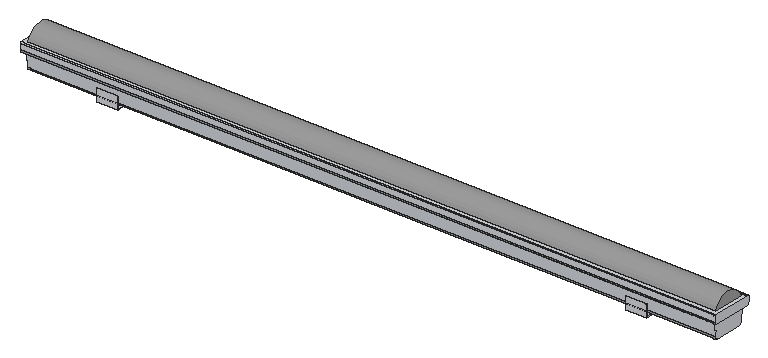
Revit family "0010268", category Lighting Fixtures, host Face, Revit 2017 (continued)
Types (60, lengths in mm): name | Weight | Wattage | TypeName | built-in parameter 1150134 | Photometric Web File | PowerFactor | PowerConsumption | NominalLength | Name | ModelReference | ModelNumber | Model | LuminousEfficacy | built-in parameter 1150105 | Lumens | LampNominalLuminous | LampMacAdamStep | LampColourTemperature | LENGHT_SYL | LENGHT_CHAMFER_SYL | LENGHT-_SYL | LENGHT-_CHAMFER_SYL | L0650_SYL | L1500_SYL | L1200_SYL | built-in parameter 1150107 | built-in parameter 1150106 | built-in parameter 1150104 | DocumentationLiterature | Description | BRACKET_WIDTH_SYL | BRACKET_DIST_SYL | Apparent Load
  0010215 RESISTO 1200 IP66 4800LM 840 QC | "1.61 kg" | 35 W | "Resisto  1200 IP66 4800lm 840 QC" | 12 | "0010215.ies" | 0.95 | "35 W" | 1212 | "Resisto  1200 IP66 4800lm 840 QC" | "Resisto  1200 IP66 4800lm 840 QC" | "0010215" | "Resisto  1200 IP66 4800lm 840 QC" | "137 lm/W" | 1583.6 (stored number, unit not read) | 4795 lm | "4800 lm" | "5" | "4000 K" | 592 | 600 | -592 | -600 | no | no | yes | 4000 (stored number, unit not read) | 15.836 (stored number, unit not read) | 12.728 (stored number, unit not read) | "http://www.sylvania-lighting.com/product/en-int/products/0010215" | "Resisto, integrated LED weatherproof luminaire, with UV stabilized flat diffuser designed to achieve uniform lit appearance, optimise light output and to reduce glare. 301 stainless steel diffuser clips and fixing brackets for surface mounting. Polycarbonate housing and diffuser - no yellow discolouration over time. 4800lm; 35W; 137lm/W; 4000K; SDCM<5; non dimmable; CRI80; IP66; IK08; Class I; 69,000hrs (L80B20) lifespan; 1200mm x 89mm x 88mm; D-mark; assembled with quick connector." | 400 | 444 | 35 VA
  0010214 RESISTO 1200 IP66 2800LM 840 QC | "1.57 kg" | 21 W | "Resisto  1200 IP66 2800lm 840 QC" | 12 | "0010214.ies" | 0.95 | "21 W" | 1212 | "Resisto  1200 IP66 2800lm 840 QC" | "Resisto  1200 IP66 2800lm 840 QC" | "0010214" | "Resisto  1200 IP66 2800lm 840 QC" | "133 lm/W" | 917.95 (stored number, unit not read) | 2793 lm | "2800 lm" | "5" | "4000 K" | 592 | 600 | -592 | -600 | no | no | yes | 4000 (stored number, unit not read) | 9.1795 (stored number, unit not read) | 12.356 (stored number, unit not read) | "http://www.sylvania-lighting.com/product/en-int/products/0010214" | "Resisto, integrated LED weatherproof luminaire, with UV stabilized flat diffuser designed to achieve uniform lit appearance, optimise light output and to reduce glare. 301 stainless steel diffuser clips and fixing brackets for surface mounting. Polycarbonate housing and diffuser - no yellow discolouration over time. 2800lm; 21W; 133lm/W; 4000K; SDCM<5; non dimmable; CRI80; IP66; IK08; Class I; 69,000hrs (L80B20) lifespan; 1200mm x 89mm x 88mm; D-mark; assembled with quick connector." | 400 | 444 | 21 VA
  0010213 RESISTO 1200 IP66 4800LM 865 | "1.54 kg" | 35 W | "Resisto  1200 IP66 4800lm 865" | 1 | "0010213.ies" | 0.95 | "35 W" | 1200 | "Resisto  1200 IP66 4800lm 865" | "Resisto  1200 IP66 4800lm 865" | "0010213" | "Resisto  1200 IP66 4800lm 865" | "137 lm/W" | 1583.6 (stored number, unit not read) | 4795 lm | "4800 lm" | "5" | "6500 K" | 592 | 600 | -592 | -600 | no | no | yes | 6500 (stored number, unit not read) | 15.836 (stored number, unit not read) | 12.728 (stored number, unit not read) | "http://www.sylvania-lighting.com/product/en-int/products/0010213" | "Resisto, integrated LED weatherproof luminaire, with UV stabilized flat diffuser designed to achieve uniform lit appearance, optimise light output and to reduce glare. 301 stainless steel diffuser clips and fixing brackets for surface mounting. Polycarbonate housing and diffuser - no yellow discolouration over time. 4800lm; 35W; 137lm/W; 6500K; SDCM<5; non dimmable; CRI80; IP66; IK08; Class I; 69,000hrs (L80B20) lifespan; 1200mm x 89mm x 88mm; D-mark." | 400 | 444 | 35 VA
  0010212 RESISTO 1200 IP66 2800LM 865 | "1.5 kg" | 21 W | "Resisto  1200 IP66 2800lm 865" | 1 | "0010212.ies" | 0.95 | "21 W" | 1200 | "Resisto  1200 IP66 2800lm 865" | "Resisto  1200 IP66 2800lm 865" | "0010212" | "Resisto  1200 IP66 2800lm 865" | "133 lm/W" | 917.95 (stored number, unit not read) | 2793 lm | "2800 lm" | "5" | "6500 K" | 592 | 600 | -592 | -600 | no | no | yes | 6500 (stored number, unit not read) | 9.1795 (stored number, unit not read) | 12.356 (stored number, unit not read) | "http://www.sylvania-lighting.com/product/en-int/products/0010212" | "Resisto, integrated LED weatherproof luminaire, with UV stabilized flat diffuser designed to achieve uniform lit appearance, optimise light output and to reduce glare. 301 stainless steel diffuser clips and fixing brackets for surface mounting. Polycarbonate housing and diffuser - no yellow discolouration over time. 2800lm; 21W; 133lm/W; 6500K; SDCM<5; non dimmable; CRI80; IP66; IK08; Class I; 69,000hrs (L80B20) lifespan; 1200mm x 89mm x 88mm; D-mark." | 400 | 444 | 21 VA
  0010211 RESISTO 1200 IP66 4800LM 840 | "11.88 kg" | 35 W | "Resisto  1200 IP66 4800lm 840" | 12 | "0010211.ies" | 0.95 | "35.0 W" | 1200 | "Resisto  1200 IP66 4800lm 840" | "Resisto  1200 IP66 4800lm 840" | "0010211" | "Resisto  1200 IP66 4800lm 840" | "137 lm/W" | -7601417.6 (stored number, unit not read) | 4795 lm | "4800 lm" | "5" | "4000 K" | 592 | 600 | -592 | -600 | no | no | yes | 4000 (stored number, unit not read) | -76014.2 (stored number, unit not read) | 12.728 (stored number, unit not read) | "http://www.sylvania-lighting.com/product/en-int/products/0010211" | "Resisto, integrated LED weatherproof luminaire, with UV stabilized flat diffuser designed to achieve uniform lit appearance, optimise light output and to reduce glare. 301 stainless steel diffuser clips and fixing brackets for surface mounting. Polycarbonate housing and diffuser - no yellow discolouration over time. 4800lm; 35W; 137lm/W; 4000K; SDCM<5; non dimmable; CRI80; IP66; IK08; Class I; 69,000hrs (L80B20) lifespan; 1200mm x 89mm x 88mm; D-mark." | 400 | 444 | 35 VA
  0010210 RESISTO 1200 IP66 2800LM 840 | "11.88 kg" | 21 W | "Resisto  1200 IP66 2800lm 840" | 12 | "0010210.ies" | 0.95 | "21.0 W" | 1200 | "Resisto  1200 IP66 2800lm 840" | "Resisto  1200 IP66 2800lm 840" | "0010210" | "Resisto  1200 IP66 2800lm 840" | "133 lm/W" | -2570258.2 (stored number, unit not read) | 2793 lm | "2800 lm" | "5" | "4000 K" | 592 | 600 | -592 | -600 | no | no | yes | 4000 (stored number, unit not read) | -25702.6 (stored number, unit not read) | 12.356 (stored number, unit not read) | "http://www.sylvania-lighting.com/product/en-int/products/0010210" | "Resisto, integrated LED weatherproof luminaire, with UV stabilized flat diffuser designed to achieve uniform lit appearance, optimise light output and to reduce glare. 301 stainless steel diffuser clips and fixing brackets for surface mounting. Polycarbonate housing and diffuser - no yellow discolouration over time. 2800lm; 21W; 133lm/W; 4000K; SDCM<5; non dimmable; CRI80; IP66; IK08; Class I; 69,000hrs (L80B20) lifespan; 1200mm x 89mm x 88mm; D-mark." | 400 | 444 | 21 VA
  0010209 RESISTO 1200 IP66 4800LM 830 | "1.54 kg" | 35 W | "Resisto  1200 IP66 4800lm 830" | (empty or 0) | "0010209.ies" | 0.95 | "35 W" | 1200 | "Resisto  1200 IP66 4800lm 830" | "Resisto  1200 IP66 4800lm 830" | "0010209" | "Resisto  1200 IP66 4800lm 830" | "137 lm/W" | 1583.6 (stored number, unit not read) | 4795 lm | "4800 lm" | "5" | "3000 K" | 592 | 600 | -592 | -600 | no | no | yes | 3000 (stored number, unit not read) | 15.836 (stored number, unit not read) | 12.728 (stored number, unit not read) | "http://www.sylvania-lighting.com/product/en-int/products/0010209" | "Resisto, integrated LED weatherproof luminaire, with UV stabilized flat diffuser designed to achieve uniform lit appearance, optimise light output and to reduce glare. 301 stainless steel diffuser clips and fixing brackets for surface mounting. Polycarbonate housing and diffuser - no yellow discolouration over time. 4800lm; 35W; 137lm/W; 3000K; SDCM<5; non dimmable; CRI80; IP66; IK08; Class I; 69,000hrs (L80B20) lifespan; 1200mm x 89mm x 88mm; D-mark." | 400 | 444 | 35 VA
  0010208 RESISTO 1200 IP66 2800LM 830 | "1.5 kg" | 21 W | "Resisto  1200 IP66 2800lm 830" | (empty or 0) | "0010208.ies" | 0.95 | "21 W" | 1200 | "Resisto  1200 IP66 2800lm 830" | "Resisto  1200 IP66 2800lm 830" | "0010208" | "Resisto  1200 IP66 2800lm 830" | "133 lm/W" | 917.95 (stored number, unit not read) | 2793 lm | "2800 lm" | "5" | "3000 K" | 592 | 600 | -592 | -600 | no | no | yes | 3000 (stored number, unit not read) | 9.1795 (stored number, unit not read) | 12.356 (stored number, unit not read) | "http://www.sylvania-lighting.com/product/en-int/products/0010208" | "Resisto, integrated LED weatherproof luminaire, with UV stabilized flat diffuser designed to achieve uniform lit appearance, optimise light output and to reduce glare. 301 stainless steel diffuser clips and fixing brackets for surface mounting. Polycarbonate housing and diffuser - no yellow discolouration over time. 2800lm; 21W; 133lm/W; 3000K; SDCM<5; non dimmable; CRI80; IP66; IK08; Class I; 69,000hrs (L80B20) lifespan; 1200mm x 89mm x 88mm; D-mark." | 400 | 444 | 21 VA
  0010207 RESISTO 600 HE IP66 2500LM 840 | "0.96 kg" | 16 W | "Resisto  600 HE IP66 2500lm 840" | 12 | "0010207.ies" | 0.95 | "16 W" | 650 | "Resisto  600 HE IP66 2500lm 840" | "Resisto  600 HE IP66 2500lm 840" | "0010207" | "Resisto  600 HE IP66 2500lm 840" | "156 lm/W" | 829.02 (stored number, unit not read) | 2496 lm | "2500 lm" | "3" | "4000 K" | 317 | 325 | -317 | -325 | yes | no | no | 4000 (stored number, unit not read) | 8.2902 (stored number, unit not read) | 14.493 (stored number, unit not read) | "http://www.sylvania-lighting.com/product/en-int/products/0010207" | "Resisto, integrated LED weatherproof luminaire, with UV stabilized flat diffuser designed to achieve uniform lit appearance, optimise light output and to reduce glare. 301 stainless steel diffuser clips and fixing brackets for surface mounting. Polycarbonate housing and diffuser - no yellow discolouration over time. 2500lm; 16W; 156lm/W; 4000K; SDCM<3; non dimmable; CRI80; IP66; IK08; Class I; 69,000hrs (L80B20) lifespan; 650mm x 89mm x 88mm; D-mark." | 125 | 169 | 16 VA
  0010206 RESISTO 600 HE IP66 1400LM 840 | "0.88 kg" | 10 W | "Resisto  600 HE IP66 1400lm 840" | 12 | "0010206.ies" | 0.9 | "10 W" | 650 | "Resisto  600 HE IP66 1400lm 840" | "Resisto  600 HE IP66 1400lm 840" | "0010206" | "Resisto  600 HE IP66 1400lm 840" | "140 lm/W" | 479.25 (stored number, unit not read) | 1400 lm | "1400 lm" | "3" | "4000 K" | 317 | 325 | -317 | -325 | yes | no | no | 4000 (stored number, unit not read) | 4.7925 (stored number, unit not read) | 13.006 (stored number, unit not read) | "http://www.sylvania-lighting.com/product/en-int/products/0010206" | "Resisto, integrated LED weatherproof luminaire, with UV stabilized flat diffuser designed to achieve uniform lit appearance, optimise light output and to reduce glare. 301 stainless steel diffuser clips and fixing brackets for surface mounting. Polycarbonate housing and diffuser - no yellow discolouration over time. 1400lm; 10W; 140lm/W; 4000K; SDCM<3; non dimmable; CRI80; IP66; IK08; Class I; 69,000hrs (L80B20) lifespan; 650mm x 89mm x 88mm; D-mark." | 125 | 169 | 10 VA
  0010205 RESISTO 600 IP66 2500LM 865 | "0.88 kg" | 19 W | "Resisto  600 IP66 2500lm 865" | 1 | "0010205.ies" | 1 | "19 W" | 650 | "Resisto  600 IP66 2500lm 865" | "Resisto  600 IP66 2500lm 865" | "0010205" | "Resisto  600 IP66 2500lm 865" | "132 lm/W" | 833.01 (stored number, unit not read) | 2508 lm | "2500 lm" | "5" | "6500 K" | 317 | 325 | -317 | -325 | yes | no | no | 6500 (stored number, unit not read) | 8.3301 (stored number, unit not read) | 12.263 (stored number, unit not read) | "http://www.sylvania-lighting.com/product/en-int/products/0010205" | "Resisto, integrated LED weatherproof luminaire, with UV stabilized flat diffuser designed to achieve uniform lit appearance, optimise light output and to reduce glare. 301 stainless steel diffuser clips and fixing brackets for surface mounting. Polycarbonate housing and diffuser - no yellow discolouration over time. 2500lm; 19W; 132lm/W; 6500K; SDCM<5; non dimmable; CRI80; IP66; IK08; Class I; 69,000hrs (L80B20) lifespan; 650mm x 89mm x 88mm; D-mark." | 125 | 169 | 19 VA
  0010204 RESISTO 600 IP66 1600LM 865 | "0.88 kg" | 12 W | "Resisto  600 IP66 1600lm 865" | 1 | "0010204.ies" | 0.9 | "12 W" | 650 | "Resisto  600 IP66 1600lm 865" | "Resisto  600 IP66 1600lm 865" | "0010204" | "Resisto  600 IP66 1600lm 865" | "133 lm/W" | 546.34 (stored number, unit not read) | 1596 lm | "1600 lm" | "5" | "6500 K" | 317 | 325 | -317 | -325 | yes | no | no | 6500 (stored number, unit not read) | 5.4634 (stored number, unit not read) | 12.356 (stored number, unit not read) | "http://www.sylvania-lighting.com/product/en-int/products/0010204" | "Resisto, integrated LED weatherproof luminaire, with UV stabilized flat diffuser designed to achieve uniform lit appearance, optimise light output and to reduce glare. 301 stainless steel diffuser clips and fixing brackets for surface mounting. Polycarbonate housing and diffuser - no yellow discolouration over time. 1600lm; 12W; 133lm/W; 6500K; SDCM<5; non dimmable; CRI80; IP66; IK08; Class I; 69,000hrs (L80B20) lifespan; 650mm x 89mm x 88mm; D-mark." | 125 | 169 | 12 VA
  0010203 RESISTO 600 IP66 2500LM 840 | "10.2 kg" | 19 W | "Resisto  600 IP66 2500lm 840" | 12 | "0010203.ies" | 0.95 | "19.0 W" | 650 | "Resisto  600 IP66 2500lm 840" | "Resisto  600 IP66 2500lm 840" | "0010203" | "Resisto  600 IP66 2500lm 840" | "132 lm/W" | -2082492.7 (stored number, unit not read) | 2508 lm | "2500 lm" | "5" | "4000 K" | 317 | 325 | -317 | -325 | yes | no | no | 4000 (stored number, unit not read) | -20824.9 (stored number, unit not read) | 12.263 (stored number, unit not read) | "http://www.sylvania-lighting.com/product/en-int/products/0010203" | "Resisto, integrated LED weatherproof luminaire, with UV stabilized flat diffuser designed to achieve uniform lit appearance, optimise light output and to reduce glare. 301 stainless steel diffuser clips and fixing brackets for surface mounting. Polycarbonate housing and diffuser - no yellow discolouration over time. 2500lm; 19W; 132lm/W; 4000K; SDCM<5; non dimmable; CRI80; IP66; IK08; Class I; 69,000hrs (L80B20) lifespan; 650mm x 89mm x 88mm; D-mark." | 125 | 169 | 19 VA
  0010202 RESISTO 600 IP66 1600LM 840 | "10.2 kg" | 12 W | "Resisto  600 IP66 1600lm 840" | 12 | "0010202.ies" | 0.9 | "12.0 W" | 650 | "Resisto  600 IP66 1600lm 840" | "Resisto  600 IP66 1600lm 840" | "0010202" | "Resisto  600 IP66 1600lm 840" | "133 lm/W" | -874129.2 (stored number, unit not read) | 1596 lm | "1600 lm" | "5" | "4000 K" | 317 | 325 | -317 | -325 | yes | no | no | 4000 (stored number, unit not read) | -8741.3 (stored number, unit not read) | 12.356 (stored number, unit not read) | "http://www.sylvania-lighting.com/product/en-int/products/0010202" | "Resisto, integrated LED weatherproof luminaire, with UV stabilized flat diffuser designed to achieve uniform lit appearance, optimise light output and to reduce glare. 301 stainless steel diffuser clips and fixing brackets for surface mounting. Polycarbonate housing and diffuser - no yellow discolouration over time. 1600lm; 12W; 133lm/W; 4000K; SDCM<5; non dimmable; CRI80; IP66; IK08; Class I; 69,000hrs (L80B20) lifespan; 650mm x 89mm x 88mm; D-mark." | 125 | 169 | 12 VA
  0010279 RESISTO 1500 HE IP66 DALI 8300LM 840 | "2.01 kg" | 54 W | "Resisto 1500 HE IP66 DALI 8300lm 840" | 12 | "0010279.ies" | 0.99 | "54 W" | 1500 | "Resisto 1500 HE IP66 DALI 8300lm 840" | "Resisto 1500 HE IP66 DALI 8300lm 840" | "0010279" | "Resisto 1500 HE IP66 DALI 8300lm 840" | "154 lm/W" | 2773 (stored number, unit not read) | 8316 lm | "8300 lm" | "3" | "4000 K" | 742 | 750 | -742 | -750 | no | yes | no | 4000 (stored number, unit not read) | 27.73 (stored number, unit not read) | 14.307 (stored number, unit not read) | "http://www.sylvania-lighting.com/product/en-int/products/0010279" | "Resisto, integrated LED weatherproof luminaire, with UV stabilized flat diffuser designed to achieve uniform lit appearance, optimise light output and to reduce glare. 301 stainless steel diffuser clips and fixing brackets for surface mounting. Polycarbonate housing and diffuser - no yellow discolouration over time. 8300lm; 54W; 154lm/W; 4000K; SDCM<3; DALI dimmable; CRI80; IP66; IK08; Class I; 69,000hrs (L80B20) lifespan; 1500mm x 89mm x 88mm; D-mark." | 550 | 594 | 54 VA
